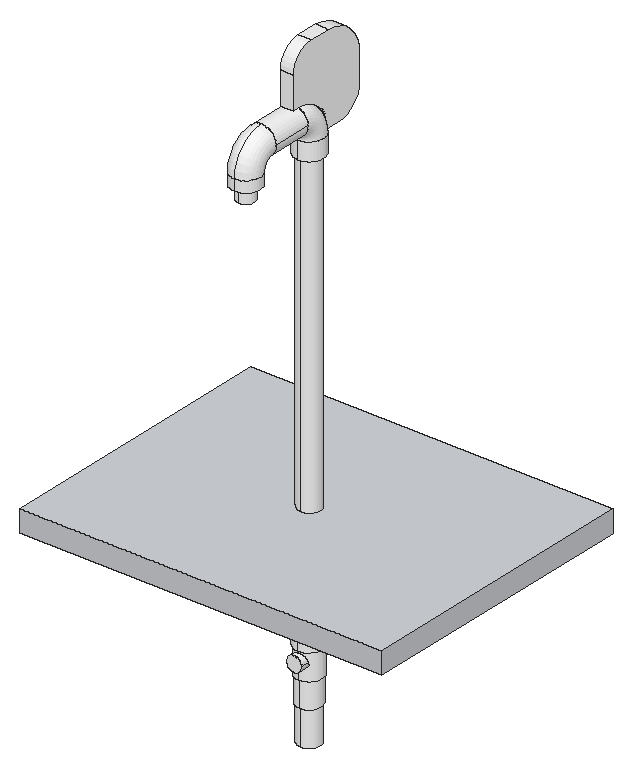
Revit family "HY-6800", category Plumbing Fixtures, host Face, Revit 2026
Family settings
  Host = Face
  Round Connector Dimension = Use Diameter
  Part Type = Normal
  Classification Number = 23.45.55.21
  Enable Cutting in Views = No
  Cut with Voids When Loaded = No
  Maintain Annotation Orientation = No
  Shared = No
  Room Calculation Point = No
Parameters (values of type "MHY-68-1")
  WFU = 0
  URL = "www.mifab.com"
  Model = "MHY-68"
  Manufacturer = "MIFAB"
  Hydrant Material = Chrome Plated
  Description = "Yard Hydrant"
  Default Elevation = 0.000"
  Bury Depth = 12.000"
Types (9): name | Bury Depth
  (no name) | 12.000"
  MHY-68-1 | 12.000"
  MHY-68-2 | 24.000"
  MHY-68-3 | 36.000"
  MHY-68-4 | 48.000"
  MHY-68-5 | 60.000"
  MHY-68-6 | 72.000"
  MHY-68-7 | 84.000"
  MHY-68-8 | 96.000"
Reference planes (in)
  plane 1 "Center (Front/Back)": y = 0
  plane 2: z = 25
  plane 3 "Center (Left/Right)": x = 0
Forms (in)
  Extrusion 1, solid
    sketch origin (1.16021, -0.74643, 25) x (1, 0, 0) y (0, 1, 0)
      loop
        line (-11.05076, 8.95661) -> (-11.05076, -7.46376) -> (9.53708, -7.46376) -> (9.53708, 8.95661) -> (-11.05076, 8.95661)
    from 0 to -1.26449
  Revolve 2, solid, material "Chrome Plated" <- "Hydrant Material"
    sketch origin (0, 0, -150.125) x (0, 1, 0) y (0, 0, 1)
      loop
        line (-0.625, 163.125) -> (0, 163.125) -> (0, 193.5) -> (-0.625, 193.5) -> (-0.625, 163.125)
      axis (0, 193.5) -> (0, 163.125)
    angle from 0 to 360
  Revolve 3, solid, material "Chrome Plated" <- "Hydrant Material"
    sketch origin (0, 0, -148.11704) x (0, 1, 0) y (0, 0, 1)
      loop
        line (0, 167.09245) -> (-0.812, 167.09245) -> (-0.812, 166.09445) -> (-0.749, 166.09445) -> (-0.749, 164.59625) -> (-0.687, 164.59625) -> (-0.687, 163.11704) -> (0, 163.11704) -> (0, 167.09245)
      axis (0, 163.11704) -> (0, 167.09245)
    angle from 0 to 360
  Extrusion 4, solid, material "Chrome Plated" <- "Hydrant Material"
    sketch origin (0, 0, -136) x (1, 0, 0) y (0, 0, 1)
      loop
        circle (0, 153.41911) r 0.4214
    from 0 to 1.0669
  Revolve 5, solid, material "Chrome Plated" <- "Hydrant Material"
    sketch origin (0, 0, -150.125) x (0, 1, 0) y (0, 0, 1)
      loop
        line (-0.8125, 194.125) -> (-0.8125, 193.125) -> (0, 193.125) -> (0, 194.125) -> (-0.8125, 194.125)
      axis (0, 193.125) -> (0, 194.125)
    angle from 0 to 360
  Sweep 6, solid, material "Chrome Plated" <- "Hydrant Material"
    path origin (0, 0, -150.125) x (0, 1, 0) y (0, 0, 1)
      loop
        arc (0, 194.125) -> (-0.3295, 194.9205) -> (-1.125, 195.25) r 1.125
    profile origin (0, -0.3295, 44.7955) x (0, -0.707107, -0.707107) y (1, 0, 0)
      loop
        circle (0, 0) r 0.8125
  Revolve 7, solid, material "Chrome Plated" <- "Hydrant Material", detail levels fine
    sketch origin (0, -4.5, -150.125) x (0, -1, 0) y (0, 0, 1)
      loop
        line (-0.8125, 194.125) -> (-0.8125, 193.5) -> (0, 193.5) -> (0, 194.125) -> (-0.8125, 194.125)
      axis (0, 193.5) -> (0, 194.125)
    angle from 0 to 360
  Sweep 8, solid, material "Chrome Plated" <- "Hydrant Material", detail levels fine
    path origin (0, -4.5, -150.125) x (0, -1, 0) y (0, 0, 1)
      loop
        arc (0, 194.125) -> (-0.3295, 194.9205) -> (-1.125, 195.25) r 1.125
    profile origin (0, -4.1705, 44.7955) x (0, -0.707107, 0.707107) y (1, 0, 0)
      loop
        circle (0, 0) r 0.8125
  Revolve 9, solid, material "Chrome Plated" <- "Hydrant Material", detail levels fine
    sketch origin (0, 0, -150.125) x (0, 1, 0) y (0, 0, 1)
      loop
        line (-4.5, 193.5) -> (-4.5, 192.75) -> (-4, 192.75) -> (-4, 193.5) -> (-4.5, 193.5)
      axis (-4.5, 193.5) -> (-4.5, 192.75)
    angle from 0 to 360
  Extrusion 10, solid, material "Chrome Plated" <- "Hydrant Material", detail levels fine
    sketch origin (0, 0, -150.125) x (0, 1, 0) y (0, 0, 1)
      loop
        line (0.8125, 194.125) -> (1.6875, 194.125)
        arc (1.6875, 194.125) -> (2.65977, 194.52773) -> (3.0625, 195.5) r 1.375
        line (3.0625, 195.5) -> (3.0625, 197)
        arc (3.0625, 197) -> (2.4401, 198.5026) -> (0.9375, 199.125) r 2.125
        line (0.9375, 199.125) -> (-0.3125, 199.125)
        arc (-0.3125, 199.125) -> (-1.19638, 198.75888) -> (-1.5625, 197.875) r 1.25
        line (-1.5625, 197.875) -> (-1.5625, 196.0625) -> (-1.125, 196.0625)
        arc (-1.125, 196.0625) -> (0.24502, 195.49502) -> (0.8125, 194.125) r 1.9375
    from -0.375 to 0.375
  Extrusion 11, solid, material "Chrome Plated" <- "Hydrant Material", detail levels fine
    sketch origin (-0.83979, 0, 0) x (1, 0, 0) y (0, 0, 1)
      loop
        circle (0.83979, 45.125) r 0.8125
    from 1.125 to 3.375
Cuts and joins
  joined: Extrusion 10, Extrusion 11
  joined: Revolve 2, Revolve 5, Sweep 6
  joined: Revolve 7, Sweep 8
Lines and regions (in)
  symbolic lines, style "PlumbingFixtures"
    curve 1: line (-3.38528, 1.0625, 25) -> (0.86472, 1.0625, 25)
    curve 2: line (-3.38528, -1.4375, 25) -> (-3.38528, 1.0625, 25)
    curve 3: line (0.86472, -1.4375, 25) -> (-3.38528, -1.4375, 25)
    curve 4: line (0.86472, 1.0625, 25) -> (0.86472, -1.4375, 25)
    curve 5: line (2.11472, 9.1875, 25) -> (-2.13528, 9.1875, 25)
Dimensions and locks (in)
  curve 2 to curve 4 = 4.250"  (x2)
  curve 4 to curve 2 = 4.250"
  locked: Revolve 3 sketch curve to Revolve 3 sketch curve at 0.812
  locked: Revolve 3 sketch curve to Revolve 3 sketch curve at 0.998
  locked: Revolve 3 sketch curve to Revolve 3 sketch curve at 1.4982
  locked: Revolve 3 sketch curve to Revolve 3 sketch curve at 0.749
  locked: Revolve 3 sketch curve to Revolve 3 sketch curve at 0.687
  locked: Revolve 3 to Extrusion 4 sketch curve at 0.5583
  locked: Revolve 5 sketch curve to Revolve 5 sketch curve at 0.8125
  locked: Sweep 6 sketch curve to profile plane
  locked: profile plane to Sweep 6 sketch curve
  locked: Revolve 7 sketch curve to Revolve 7 sketch curve at 0.8125
  locked: Revolve 7 sketch curve to Revolve 7 sketch curve at 0.625
  locked: Sweep 8 sketch curve to profile plane
  locked: profile plane to Sweep 8 sketch curve
  locked: Revolve 9 sketch curve to Revolve 9 sketch curve at 0.5
  locked: Revolve 7 to Revolve 9 sketch curve at 0.75
  Extrusion 10 sketch curve to Extrusion 10 sketch curve = 0.875"
  Extrusion 10 sketch curve to Extrusion 10 sketch curve to Extrusion 10 sketch curve to Extrusion 10 sketch curve to Extrusion 10 sketch curve to Extrusion 10 sketch curve = 0.4375" locked, 0.8125" locked, 1.250" locked, 0.750" locked, 1.375" locked
  Extrusion 10 sketch curve to Extrusion 10 sketch curve to Extrusion 10 sketch curve to Extrusion 10 sketch curve to Extrusion 10 sketch curve to Extrusion 10 sketch curve = 0.000" locked, 1.375" locked, 1.500" locked, 0.875" locked, 1.250"
  locked: Extrusion 10 to Extrusion 10 at 0.75
  Extrusion 10 to Extrusion 10 = 0.750"
  locked: cut or joined group of Revolve 2, Revolve 5, Sweep 6 to cut or joined group of Extrusion 10, Extrusion 11 at 6
  level to cut or joined group of Revolve 2, Revolve 5, Sweep 6 = 18.000"
  locked: cut or joined group of Extrusion 10, Extrusion 11 to level at 24
  "Bury Depth": cut or joined group of Revolve 2, Revolve 5, Sweep 6 to level
  locked: cut or joined group of Revolve 2, Revolve 5, Sweep 6 to Revolve 3 at 2
  locked: cut or joined group of Revolve 2, Revolve 5, Sweep 6 to Extrusion 4 at 4.41911
  aligned and locked: plane 2 to Extrusion 1
  aligned and locked: level to Extrusion 1
  aligned and locked: Extrusion 11 to Sweep 8
  aligned and locked: Extrusion 11 to Sweep 6
Automatic sketch dimensions
  curve 1 to plane 1 "Center (Front/Back)" = 1.0625"
  curve 1 to plane 3 "Center (Left/Right)" = 3.38528"
  plane 1 "Center (Front/Back)" to curve 4 = 1.4375"
  curve 5 to plane 3 "Center (Left/Right)" = 2.13528"
  plane 3 "Center (Left/Right)" to curve 5 = 2.11472"
  curve 1 to curve 5 = 8.125"
  Extrusion 1 sketch curve to Extrusion 1 sketch curve = 20.58785"
  Extrusion 1 sketch curve to Extrusion 1 sketch curve = 16.42037"
  Revolve 2 sketch curve to plane 1 "Center (Front/Back)" = 0.000"  (x2)
  plane 1 "Center (Front/Back)" to Revolve 2 sketch curve = 0.625"
  Revolve 2 sketch curve to level = 12.000"
  level to Revolve 2 sketch curve = 18.375"
  Revolve 2 sketch curve to Revolve 2 sketch curve = 17.500"
  Revolve 2 sketch curve to Revolve 2 sketch curve = 8.000"
  Revolve 3 sketch curve to plane 1 "Center (Front/Back)" = 0.000"  (x2)
  Revolve 3 sketch curve to level = 10.000"
  Revolve 3 sketch curve to Revolve 3 sketch curve = 1.47921"
  Revolve 3 sketch curve to Revolve 3 sketch curve = 167.97236"
  Revolve 3 sketch curve to level = 11.76534"
  Extrusion 4 sketch curve to plane 3 "Center (Left/Right)" = 0.000"
  Revolve 5 sketch curve to plane 1 "Center (Front/Back)" = 0.000"  (x2)
  level to Revolve 5 sketch curve = 18.000"
  Revolve 5 sketch curve to Revolve 5 sketch curve = 1.000"
  Revolve 5 sketch curve to level = 35.750"
  Revolve 5 sketch curve to Revolve 5 sketch curve = 0.375"
  Sweep 6 sketch curve to plane 1 "Center (Front/Back)" = 0.000"
  plane 1 "Center (Front/Back)" to Sweep 6 sketch curve = 1.125"
  level to Sweep 6 sketch curve = 19.000"
  Revolve 7 sketch curve to plane 1 "Center (Front/Back)" = 3.6875"
  Revolve 7 sketch curve to level = 18.375"
  Revolve 7 sketch curve to Revolve 7 sketch curve = 0.000"  (x2)
  level to Revolve 7 sketch curve = 35.750"
  Sweep 8 sketch curve to plane 1 "Center (Front/Back)" = 3.375"
  Sweep 8 sketch curve to Sweep 8 sketch curve = 1.125"
  Sweep 8 sketch curve to level = 19.000"
  plane 1 "Center (Front/Back)" to Revolve 9 sketch curve = 4.500"
  level to Revolve 9 sketch curve = 18.375"
  Revolve 9 sketch curve to Revolve 9 sketch curve = 0.000"  (x3)
  plane 1 "Center (Front/Back)" to Extrusion 10 sketch curve = 1.5625"
  level to Extrusion 10 sketch curve = 19.000"
  Extrusion 11 sketch curve to plane 3 "Center (Left/Right)" = 0.000"
  level to Extrusion 11 sketch curve = 20.125"
  radius of Extrusion 4 sketch curve = 0.4214"
  radius of Sweep 6 sketch curve = 0.8125"
  radius of Sweep 8 sketch curve = 0.8125"
  radius of Extrusion 11 sketch curve = 0.8125"
Connectors (in)
  piping at (0, -4.5, 42.625), diameter 0.75
    settings: on Revolve 9, index 2, connector inside diameter 3/4", connector length 0.000", flow factor 0, pipe flow 0 GPM, pressure drop 0.00 psi, fitting loss kfactor 0, connector angle 0.00°, fixture units 0, engagement length 0.000", angle of deflection 0.00°, flow configuration 0, flow direction 0, fitting loss method 0, system type 7, joint type 0, gender type 0, connector reference index -1, connector utility 0, adjustable connector no, is connector primary yes, connector description "Male Hose"
  piping at (0, 0, 13), diameter 0.75
    settings: on cut or joined group of Revolve 2, Revolve 5, Sweep 6, index 3, connector inside diameter 3/4", connector length 0.000", flow factor 0, pipe flow 0 GPM, pressure drop 0.00 psi, fitting loss kfactor 0, connector angle 0.00°, fixture units 0, engagement length 0.000", angle of deflection 0.00°, flow configuration 0, flow direction 0, fitting loss method 0, system type 7, joint type 0, gender type 0, connector reference index -1, connector utility 0, adjustable connector no, is connector primary no, connector description "Inlet"
